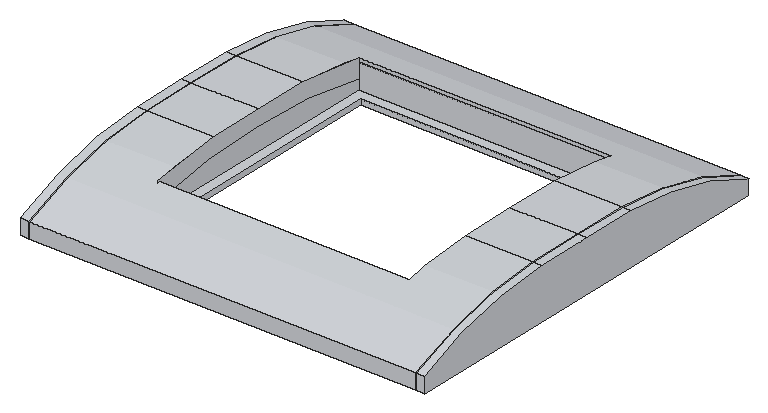
Revit family "Gira_0211326", category Electrical Fixtures, host Face, Revit 2017
Family settings
  Host = Face
  Maintain Annotation Orientation = No
  Round Connector Dimension = Use Diameter
  Part Type = Normal
  Cut with Voids When Loaded = No
  Shared = No
  Room Calculation Point = No
Parameters (values of type "Cov.fr. 1-g interm.fr. PW Gira Event c.alum.")
  With mounting grid = "No"
  With hinged lid = "No"
  URL = "http://katalog.gira.de/en/datenblatt.html?artikelnr=0211326"
  Type of fastening = "Clamp mounting"
  Transparent = "No"
  Surface protection = "Other"
  Suitable for wall duct = "No"
  Suitable for flush-mounted installation = "Yes"
  Suitable for floor box = "No"
  Suitable for built-in installation = "No"
  Number of units vertical = "1"
  Number of units horizontal = "1"
  Number of units = "1"
  Name = "Cov.fr. 1-g interm.fr. PW Gira Event c.alum."
  Mounting direction = "Horizontal and vertical"
  Material quality = "Thermoplastic"
  Material = "Plastic"
  Manufacturer URL = "https://www.gira.de/"
  Manufacturer = "Gira"
  Label space/information surface = "No"
  Keynote = ""
  HeinzeBIM = "https://bimportal.heinze.de/bim/cov-fr-1-g-interm-fr-pw-gira-event-c-alum-/b3186e9926dcfaf2ba03b29e5f59355c4439b829"
  Halogen free = "Yes"
  HAN = "0211326"
  GTIN = "4010337074311"
  Description = "Cov.fr.1g i.fr.PW Event CAl,Gira Event frames,colour aluminium with pure white glossy intermediate frame,1-gang,Features:,- Shatter-proof."
  Degree of protection (IP) = "IP20"
  Default Elevation = 1219.2 mm
  Data sheet (1) = "https://katalog.gira.de/en/download.html?artikelnr=0211326"
  Colour = "Aluminium"
  Category = "Cover frame for domestic switching devices"
  BIM (1) = "https://media.stage.bim.site/public/gira/36a6b08/Event_Rahmen_1fach.rfa"
  Available = "No"
Reference planes
  plane 1 "Center (Front/Back)": y = 0
  plane 2: z = 0
  plane 3 "Center (Left/Right)": x = 0
Forms (mm)
  Extrusion 1, solid, detail levels fine
    sketch origin (0, 0, 1.55) x (0, 1, 0) y (0, 0, 1)
      loop
        arc (12.445, 9.683) -> (6.223, 9.833) -> (0, 9.85) r 291.636
        arc (0, 9.85) -> (-6.223, 9.833) -> (-12.445, 9.683) r 291.636
        arc (-12.445, 9.683) -> (-29.14, 7.482) -> (-45, 1.823) r 79.728
        line (-45, 1.823) -> (-45, -1.55) -> (-41.777, -1.55) -> (-41.777, -0.55)
        arc (-41.777, -0.55) -> (-21.205, 4.846) -> (0, 6.467) r 118.15
        arc (0, 6.467) -> (21.205, 4.846) -> (41.777, -0.55) r 118.15
        line (41.777, -0.55) -> (41.777, -1.55) -> (45, -1.55) -> (45, 1.823)
        arc (45, 1.823) -> (29.14, 7.482) -> (12.445, 9.683) r 79.728
    from -43 to 43
  Extrusion 2, void, detail levels fine
    sketch origin (0, 0, 0) x (1, 0, 0) y (0, 1, 0)
      loop
        line (-28, -28) -> (28, -28) -> (28, 28) -> (-28, 28) -> (-28, -28)
    from 2.85 to 12
  Extrusion 3, solid, detail levels coarse
    sketch origin (0, 0, 0) x (1, 0, 0) y (0, 1, 0)
      loop
        line (-45, 45) -> (-45, -45) -> (45, -45) -> (45, 45) -> (-45, 45)
    from 0 to 11.4
  Extrusion 4, solid, detail levels medium
    sketch origin (0, 0, 1.55) x (0, 1, 0) y (0, 0, 1)
      loop
        arc (12.445, 9.683) -> (6.223, 9.833) -> (0, 9.85) r 291.636
        arc (0, 9.85) -> (-6.223, 9.833) -> (-12.445, 9.683) r 291.636
        arc (-12.445, 9.683) -> (-29.14, 7.482) -> (-45, 1.823) r 79.728
        line (-45, 1.823) -> (-45, -1.55) -> (45, -1.55) -> (45, 1.823)
        arc (45, 1.823) -> (29.14, 7.482) -> (12.445, 9.683) r 79.728
    from -45 to 45
  Extrusion 5, solid, detail levels fine
    sketch origin (0, 0, 0) x (0, 1, 0) y (0, 0, 1)
      loop
        arc (45, 3.373) -> (29.14, 9.032) -> (12.445, 11.233) r 79.728
        arc (12.445, 11.233) -> (6.223, 11.383) -> (0, 11.4) r 291.636
        arc (0, 11.4) -> (-6.223, 11.383) -> (-12.445, 11.233) r 291.636
        arc (-12.445, 11.233) -> (-29.14, 9.032) -> (-45, 3.373) r 79.728
        line (-45, 3.373) -> (-45, 0) -> (45, 0) -> (45, 3.373)
    from 43 to 45
  Extrusion 6, solid, detail levels fine
    sketch origin (0, 0, 0) x (0, 1, 0) y (0, 0, -1)
      loop
        line (45, -3.373) -> (45, 0) -> (-45, 0) -> (-45, -3.373)
        arc (-45, -3.373) -> (-29.14, -9.032) -> (-12.445, -11.233) r 79.728
        arc (-12.445, -11.233) -> (-6.223, -11.383) -> (0, -11.4) r 291.636
        arc (0, -11.4) -> (6.223, -11.383) -> (12.445, -11.233) r 291.636
        arc (12.445, -11.233) -> (29.14, -9.032) -> (45, -3.373) r 79.728
    from 43 to 45
  Extrusion 7, solid, detail levels fine
    sketch origin (0, 0, 0) x (1, 0, 0) y (0, 1, 0)
      loop
        line (-25.7, 25.7) -> (-25.7, -25.7) -> (25.7, -25.7) -> (25.7, 25.7) -> (-25.7, 25.7)
      loop
        line (-29.495, 27.895) -> (-29.495, -27.895)
        spline (-29.495, -27.895) -> (-29.486, -28.025) -> (-29.461, -28.154) -> (-29.419, -28.278) -> (-29.361, -28.395) -> (-29.288, -28.504) -> (-29.202, -28.602) -> (-29.104, -28.688) -> (-28.995, -28.761) -> (-28.878, -28.819) -> (-28.754, -28.861) -> (-28.625, -28.886) -> (-28.495, -28.895)
        line (-28.495, -28.895) -> (28.495, -28.895)
        spline (28.495, -28.895) -> (28.625, -28.886) -> (28.754, -28.861) -> (28.878, -28.819) -> (28.995, -28.761) -> (29.104, -28.688) -> (29.202, -28.602) -> (29.288, -28.504) -> (29.361, -28.395) -> (29.419, -28.278) -> (29.461, -28.154) -> (29.486, -28.025) -> (29.495, -27.895)
        line (29.495, -27.895) -> (29.495, 27.895)
        spline (29.495, 27.895) -> (29.486, 28.025) -> (29.461, 28.154) -> (29.419, 28.278) -> (29.361, 28.395) -> (29.288, 28.504) -> (29.202, 28.602) -> (29.104, 28.688) -> (28.995, 28.761) -> (28.878, 28.819) -> (28.754, 28.861) -> (28.625, 28.886) -> (28.495, 28.895)
        line (28.495, 28.895) -> (-28.495, 28.895)
        spline (-28.495, 28.895) -> (-28.625, 28.886) -> (-28.754, 28.861) -> (-28.878, 28.819) -> (-28.995, 28.761) -> (-29.104, 28.688) -> (-29.202, 28.602) -> (-29.288, 28.504) -> (-29.361, 28.395) -> (-29.419, 28.278) -> (-29.461, 28.154) -> (-29.486, 28.025) -> (-29.495, 27.895)
    from 1.673 to 8.5
Cuts and joins
  Extrusion 2 cuts Extrusion 1
  Extrusion 2 cuts Extrusion 7
Dimensions and locks
  aligned and locked: plane 2 to host face
  aligned and locked: level to host face
